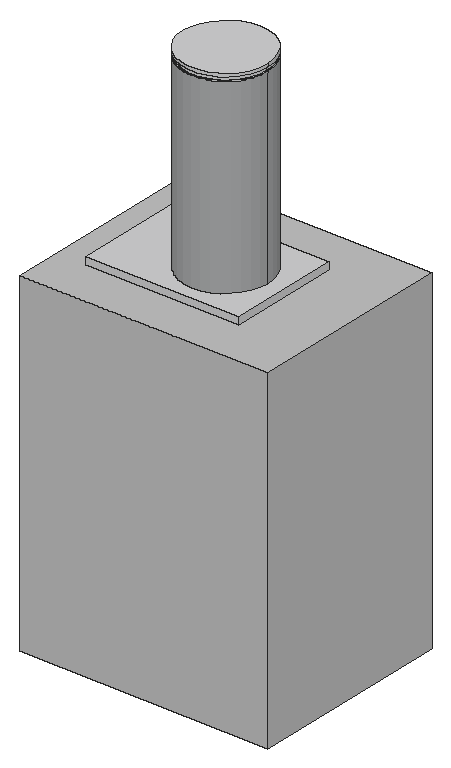
Revit family "ALE A25_60_C50", category Equipement spécialisé, Revit 2017
Family settings
  Cote de connecteur circulaire = Utiliser le diamètre
  Type d'élément = Normal
  Basée sur le plan de construction = Non
  Toujours verticalement = Oui
  Couper avec des vides une fois chargée = Non
  Partagée = Non
  Point de calcul de pièce = Non
Parameters (values of type "Borne Escamotable A25_60_C50")
  rayon_vide = diamètre_borne / 2  # 125 mm
  longueur_massif = 730 mm
  largeur_massif = 600 mm
  hauteur_massif = 990 mm
  e_cap = 20 mm
  URL = "http://bornes-escamotables.com/"
  Modèle = "ALE 25-60-C50"
  Matériau_Massif = MASSIF BETON
  Largeur_plaque = 330 mm
  hauteur_borne = 600 mm
  epaisseur_plaque = 20 mm
  diamètre_borne = 250 mm
  l2_plaque = Longueur_plaque - l1_plaque  # 280 mm
  l1_plaque = 170 mm
  Matériau_plaque = PLAQUE AU SOL
  Matériau_borne = POSTE ESCAMOTABLE GRIS
  Longueur_plaque = 450 mm
  Fabricant = "AMCO Les Escamotables"
Reference planes
  plane 1 "Centre (avant/arrière)": y = 0
  plane 2: z = 0
  plane 3 "Centre (gauche/droite)": x = 0
  plane 4: y = 165
  plane 5: x = 170
  plane 6: x = -280
  plane 7: y = -165
  plane 8: y = -125
  plane 9: y = 125
  plane 10: z = 20
  plane 11: z = 600
  plane 12: x = -173.5
  plane 13: z = 580
Forms (mm)
  Extrusion 1, solid, material "POSTE ESCAMOTABLE GRIS" <- "Matériau_borne"
    sketch origin (0, 0, 0) x (1, 0, 0) y (0, 1, 0)
      loop
        circle (0, 0) r 125
    from 20 to 580
  Sweep 2, void
    path origin (0, 0, 0) x (1, 0, 0) y (0, 1, 0)
      loop
        circle (0, 0) r 125
    profile origin (0, 125, 0) x (0, -1, 0) y (0, 0, 1)
      loop
        line (3.437, 591.25) -> (0, 591.25) -> (0, 581.25) -> (3.437, 581.25) -> (3.437, 591.25)
  Extrusion 3, solid, material "PLAQUE AU SOL" <- "Matériau_plaque"
    sketch origin (0, 0, 0) x (1, 0, 0) y (0, 1, 0)
      loop
        circle (0, 0) r 125
    from 580 to 600
Cuts and joins
  Sweep 2 cuts Extrusion 1
  Sweep 2 cuts Extrusion 3
Lines and regions (mm)
  symbolic lines
    curve 1: arc (125, 0, 0) -> (0, 125, 0) -> (-125, 0, 0) r 125
    curve 2: arc (-125, 0, 0) -> (0, -125, 0) -> (125, 0, 0) r 125
Dimensions and locks
  equal spacing: plane 4, plane 1 "Centre (avant/arrière)", plane 7
  "Largeur_plaque": plane 4 to plane 7
  equal spacing: plane 8, plane 1 "Centre (avant/arrière)", plane 9
  plane 8 to plane 9 = 250 mm
  "epaisseur_plaque": plane 10 to plane 2
  "l1_plaque": plane 3 "Centre (gauche/droite)" to plane 5
  "l2_plaque": plane 6 to plane 3 "Centre (gauche/droite)"
  "hauteur_borne": plane 11 to plane 2
  plane 11 to Sweep 2 sketch curve = 8.75 mm
  locked: Sweep 2 sketch curve to Sweep 2 sketch curve at 10
  "rayon_vide": plane 1 "Centre (avant/arrière)" to Sweep 2 sketch curve
  plane 12 to plane 3 "Centre (gauche/droite)" = 173.5 mm
  "e_cap": plane 11 to plane 13
  "diamètre_borne": diameter of Extrusion 1 sketch curve
  "diamètre_borne": diameter of Sweep 2 sketch curve
  "diamètre_borne": diameter of Extrusion 3 sketch curve
  aligned and locked: level to plane 2
  aligned and locked: curve 1 to Extrusion 1
  aligned and locked: curve 2 to Extrusion 1
  aligned and locked: Extrusion 1 to plane 10
  aligned and locked: plane 11 to Extrusion 3
  aligned and locked: Extrusion 3 to plane 13
  aligned and locked: plane 13 to cut or joined group of Extrusion 1, Sweep 2
Automatic sketch dimensions
  plane 1 "Centre (avant/arrière)" to Extrusion 1 sketch curve = 0 mm
  Extrusion 1 sketch curve to plane 3 "Centre (gauche/droite)" = 0 mm
  plane 1 "Centre (avant/arrière)" to Sweep 2 sketch curve = 0 mm
  Sweep 2 sketch curve to plane 3 "Centre (gauche/droite)" = 0 mm
  Sweep 2 sketch curve to profile plane = 3.437 mm
  plane 1 "Centre (avant/arrière)" to Extrusion 3 sketch curve = 0 mm
  Extrusion 3 sketch curve to plane 3 "Centre (gauche/droite)" = 0 mm
Nested families
  nested 1: "LBA_plaque_borne" at (0, 0, 0), type "PLAQUE"
    with Largeur_plaque 330 mm, epaisseur_plaque 20 mm, l2_plaque 280 mm, l1_plaque 170 mm, Longueur_plaque 450 mm
  nested 2: "LBA_massif_sousterre_carré" at (0, 0, 0), type "Base"
    with longueur 730 mm, largeur 600 mm, hauteur_massif 990 mm
Definition of nested family "LBA_plaque_borne"
  Parameters (values of type "PLAQUE")
    Largeur_plaque = 500 mm
    epaisseur_plaque = 30 mm
    l2_plaque = Longueur_plaque - l1_plaque  # 632 mm
    l1_plaque = 218 mm
    Matériau_plaque = none
    Longueur_plaque = 850 mm
  Reference planes
    plane 1 "Centre (avant/arrière)": y = 0
    plane 2: z = 0
    plane 3 "Centre (gauche/droite)": x = 0
    plane 4: y = 250
    plane 5: x = 218
    plane 6: x = -632
    plane 7: y = -250
    plane 8: y = -125
    plane 9: y = 125
    plane 10: z = 30
  Forms (mm)
    Extrusion 1, solid, material <- "Matériau_plaque"
      sketch origin (0, 0, 0) x (1, 0, 0) y (0, 1, 0)
        loop
          line (-632, 250) -> (-632, -250) -> (218, -250) -> (218, 250) -> (-632, 250)
      from 0 to 30
  Lines and regions (mm)
    symbolic lines
      curve 1: line (218, 250, 0) -> (-632, 250, 0)
      curve 2: line (218, -250, 0) -> (218, 250, 0)
      curve 3: line (-632, -250, 0) -> (218, -250, 0)
      curve 4: line (-632, 250, 0) -> (-632, -250, 0)
  Dimensions and locks
    equal spacing: plane 4, plane 1 "Centre (avant/arrière)", plane 7
    "Largeur_plaque": plane 4 to plane 7
    equal spacing: plane 8, plane 1 "Centre (avant/arrière)", plane 9
    plane 8 to plane 9 = 250 mm
    "epaisseur_plaque": plane 10 to plane 2
    "l1_plaque": plane 3 "Centre (gauche/droite)" to plane 5
    "l2_plaque": plane 6 to plane 3 "Centre (gauche/droite)"
    aligned and locked: level to plane 2
    aligned and locked: Extrusion 1 sketch curve to plane 4
    aligned and locked: plane 6 to Extrusion 1 sketch curve
    aligned and locked: plane 7 to Extrusion 1 sketch curve
    aligned and locked: Extrusion 1 sketch curve to plane 5
    aligned and locked: plane 10 to Extrusion 1
    aligned and locked: curve 1 to Extrusion 1
    aligned and locked: curve 2 to Extrusion 1
    aligned and locked: curve 3 to Extrusion 1
    aligned and locked: curve 4 to Extrusion 1
Definition of nested family "LBA_massif_sousterre_carré"
  Parameters (values of type "Base")
    longueur = 500 mm
    largeur = 500 mm
    hauteur_massif = 650 mm
    Matériau_piston = none
  Reference planes
    plane 1 "Centre (avant/arrière)": y = 0
    plane 2: z = 0
    plane 3 "Centre (gauche/droite)": x = 0
    plane 4: y = -125
    plane 5: y = 125
    plane 6: z = -650
    plane 7: x = -250
    plane 8: x = 250
    plane 9: y = -250
    plane 10: y = 250
  Forms (mm)
    Extrusion 1, solid, material <- "Matériau_piston"
      sketch origin (0, 0, 0) x (1, 0, 0) y (0, 1, 0)
        loop
          line (-250, 250) -> (-250, -250) -> (250, -250) -> (250, 250) -> (-250, 250)
      from 0 to -650
  Lines and regions (mm)
    symbolic lines
      curve 1: line (-250, 250, 0) -> (250, 250, 0)
      curve 2: line (-250, -250, 0) -> (-250, 250, 0)
      curve 3: line (250, -250, 0) -> (-250, -250, 0)
      curve 4: line (250, 250, 0) -> (250, -250, 0)
  Dimensions and locks
    equal spacing: plane 4, plane 1 "Centre (avant/arrière)", plane 5
    plane 4 to plane 5 = 250 mm
    "hauteur_massif": plane 2 to plane 6
    equal spacing: plane 7, plane 3 "Centre (gauche/droite)", plane 8
    equal spacing: plane 10, plane 1 "Centre (avant/arrière)", plane 9
    "largeur": plane 10 to plane 9
    "longueur": plane 7 to plane 8
    aligned and locked: level to plane 2
    aligned and locked: plane 6 to Extrusion 1
    aligned and locked: plane 2 to Extrusion 1
    aligned and locked: Extrusion 1 sketch curve to plane 10
    aligned and locked: plane 7 to Extrusion 1 sketch curve
    aligned and locked: plane 9 to Extrusion 1 sketch curve
    aligned and locked: Extrusion 1 sketch curve to plane 8
    aligned and locked: curve 1 to plane 10
    aligned and locked: plane 7 to curve 2
    aligned and locked: plane 9 to curve 3
    aligned and locked: curve 4 to plane 8
